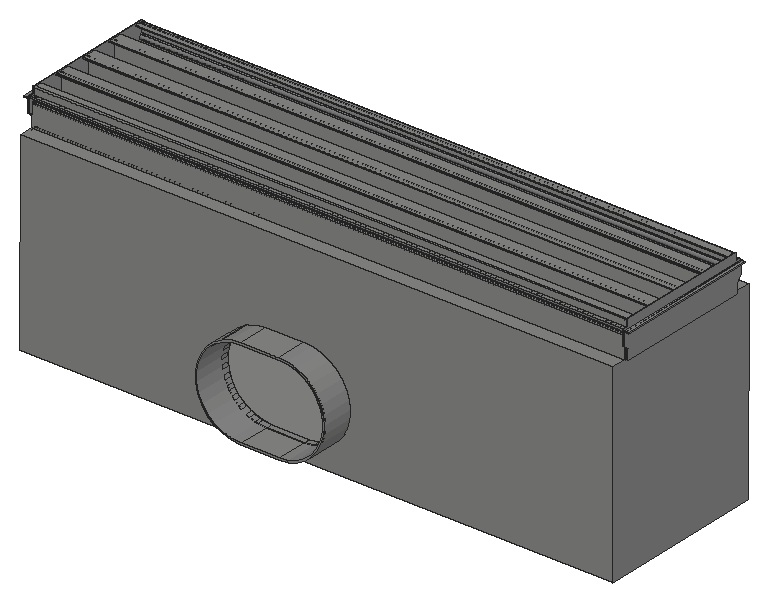
Revit family "Diffuser-Carnes-T_Bar_Mount-4-Slot-DGDA", category Duct Accessories, host Face, Revit 2014
Parameters (values of type "See Type Catalog")
  Supply Connector = yes
  Supply Connection = "Diffuser Supply Connector"  # constant formula
  Subcatagory = "Air Distribution"  # constant formula
  Specification Sheet = "http://www.carnes.com/AirDistribution/pdf/13101.pdf"
  Revit Object Download Link = "http://library.smartbim.com/download/Diffuser-Carnes-T_Bar_Mount-4-Slot-DGDA"
  Product Page URL = "http://www.carnes.com/AirDistribution/dgda.phtml"
  Length = 24"
  Inlet Nominal Size Width = 5"
  Inlet Nominal Size Height D = if(Inlet Nominal Size Width > 6", 5 1/4", 3 1/2")  # 3 1/2"
  Height = 9 1/16"  # constant formula
  Flow = 0 CFM
  Description = "Extruded Aluminum 4 Slot Diffuser 9/16In T-Bar Tegular Mount"  # constant formula
  Profile Depth = 5.75918"
  URL = "http://www.carnes.com/"
  Model = "DGDA"  # constant formula
  Unit = Metal - Carnes - Steel Galvanized
  Manufacturer = "CARNES COMPANY"  # constant formula
  Depth = 2 3/4"
  Default Elevation = 0"
  D Depth = 6 11/16"
  Catalog = "http://www.carnes.com/AirDistribution/pdf/a462-465.pdf"
  Box Length = Length - 1/2"  # 23 1/2"
  B Radius = Inlet Width + 3"  # 9 1/2"
  Inlet Width = 6 1/2"
  Assembly Code = ""
  Inlet Offset = 10 1/2"
  95 CSI = ""
  04 CSI = ""
Reference planes (in)
  plane 1 "Center (Front/Back)": y = 0
  plane 2: z = 0
  plane 3 "Center (Left/Right)": x = 0.94
  plane 4: z = -1.25
  plane 5: y = 2.87959
  plane 6: y = -2.87959
  plane 7: z = 1.44451
  plane 8: x = -11.06
  plane 9: x = 12.94
  plane 10: z = -8.05549
  plane 11: z = -9.0625
Forms (in)
  Extrusion 1, void
    sketch origin (0.94, 0, 0) x (0, 1, 0) y (0, 0, 1)
      loop
        line (-2.87959, 1.44451) -> (-2.87959, -8.05549) -> (2.87959, -8.05549) -> (2.87959, 1.44451) -> (-2.87959, 1.44451)
    from -12 to 12
Dimensions and locks (in)
  locked: plane 2 to plane 4 at 1.25
  equal spacing: plane 6, plane 1 "Center (Front/Back)", plane 5
  "Profile Depth": plane 6 to plane 5
  locked: plane 7 to host face at 1.44451
  equal spacing: plane 8, plane 3 "Center (Left/Right)", plane 9
  "Length": plane 8 to plane 9
  plane 2 to plane 10 = 8.05549"
  "Height": plane 2 to plane 11
  equal spacing: host sketch curve, plane 1 "Center (Front/Back)", host sketch curve
  equal spacing: host sketch curve, plane 3 "Center (Left/Right)", host sketch curve
  aligned and locked: plane 2 to host face
  aligned and locked: level to host face
  aligned and locked: Extrusion 1 to plane 7
  aligned and locked: Extrusion 1 to plane 10
  aligned and locked: plane 9 to Extrusion 1
  aligned and locked: plane 8 to Extrusion 1
  aligned and locked: plane 5 to Extrusion 1 sketch curve
  aligned and locked: Extrusion 1 sketch curve to plane 6
  aligned and locked: plane 1 "Center (Front/Back)" to nested 1
  aligned and locked: plane 1 "Center (Front/Back)" to nested 2
  aligned and locked: nested 1 to plane 3 "Center (Left/Right)"
  aligned and locked: nested 2 to plane 3 "Center (Left/Right)"
Automatic sketch dimensions
  Extrusion 1 sketch curve to plane 10 = 0"
  plane 7 to Extrusion 1 sketch curve = 0"
Nested families (in)
  nested 1: "CXPC" at (1.88, 0, 0.05188) x (-1, 0, 0) z (0, 0, -1), type "Parametric"
  nested 2: "602-1071" at (1.88, 0, -1.23748) x (-1, 0, 0) z (0, 0, -1), type "Slot 4"
Connectors (in)
  hvac at (-0.31, -4.59375, -6.58911), driven by "Inlet Nominal Size Height D", driven by "Inlet Nominal Size Width", driven by "Supply Connector", driven by "Supply Connection"
    settings: on nested 1, index 1, duct flow 0 CFM, flow factor 0, pres drop 0.00 in-wg, loss coef 0, conn angle 0.00°, conn width 5", conn height 3 1/2", conn diameter 24", duct sys type 1, conn prof type 2, flow config 1, flow direction 1, loss method 0, conn ref index -1, conn util yes, is conn primary yes, conn desc "Diffuser Supply Connector"
Definition of nested family "CXPC"
  Parameters (values of type "Parametric")
    Slot Width = 5 1/2"
    Inlet Nominal Size Width = 5"
    Inlet Nominal Size Height D = if(Inlet Nominal Size Width > 6", 5 1/4", 3 1/2")  # 3 1/2"
    Half Inlet Width = Inlet Nominal Size Width / 2  # 2 1/2"
    Length = 23 1/2"
    Depth = 6 11/16"
    Height = 9 1/16"  # constant formula
    URL = "http://www.carnes.com/"
    Model = "DGAA"  # constant formula
    Unit = Metal - Carnes - Steel Galvanized
    Manufacturer = ""
    Default Elevation = 0"
    B Radius = B + 3"  # 9 1/2"
    B = 6 1/2"
    Assembly Code = ""
    A = 10 1/2"
    95 CSI = ""
    04 CSI = ""
  Reference planes (in)
    plane 1 "Center (Front/Back)": y = 0
    plane 2: z = 0
    plane 3 "Center (Left/Right)": x = 0.94
    plane 4: x = -10.81
    plane 5: x = 12.69
    plane 6: z = 9.0625
    plane 7: z = 8.5625
    plane 8: z = 6.5
    plane 9: x = -10.7475
    plane 10: x = 12.6275
    plane 11: z = -18
    plane 12: y = 3.34375
    plane 13: y = 3.09375
    plane 14: y = -3.34375
    plane 15: y = -3.09375
    plane 16: y = -4.59375
    plane 17: x = 2.19
    plane 18: z = 0.84375
    plane 19: y = -2.75
    plane 20: y = 2.75
    plane 21: z = 8.39099
    plane 22: z = 4.89099
  Forms (in)
    Extrusion 1, solid
      sketch origin (0, 0, 0) x (1, 0, 0) y (0, 1, 0)
        loop
          line (-15.78917, 6.26042) -> (-15.78917, -6.26042) -> (17.66917, -6.26042) -> (17.66917, 6.26042) -> (-15.78917, 6.26042)
      from 0 to -1
    Extrusion 2, solid, material "Metal - Carnes - Steel Galvanized" <- "Unit"
      sketch origin (0, 0, 0) x (1, 0, 0) y (0, 0, 1)
        loop
          line (-10.81, 9.0625) -> (-10.81, 8.5625) -> (12.69, 8.5625) -> (12.69, 9.0625) -> (-10.81, 9.0625)
      from -3.09375 to 3.09375
    Extrusion 3, solid, material "Metal - Carnes - Steel Galvanized" <- "Unit"
      sketch origin (0, 0, 0) x (1, 0, 0) y (0, 1, 0)
        loop
          line (-10.81, 3.34375) -> (-10.81, 3.09375) -> (12.69, 3.09375) -> (12.69, 3.34375) -> (-10.81, 3.34375)
        loop
          line (-10.81, -3.09375) -> (-10.81, -3.34375) -> (12.69, -3.34375) -> (12.69, -3.09375) -> (-10.81, -3.09375)
      from 1.4375 to 9.0625
    Sweep 4, solid, material "Metal - Carnes - Steel Galvanized" <- "Unit"
      path in 3D
        loop
          line (-10.81, -3.09375, 1.4375) -> (12.69, -3.09375, 1.4375)
      profile origin (0.94, -3.09375, 1.4375) x (0, -1, 0) y (0, 0, -1)
        loop
          line (-5.84375, 0) -> (-5.84375, 0.89784)
          arc (-5.84375, 0.89784) -> (-5.81304, 0.92855) -> (-5.78233, 0.89784) r 0.03071
          line (-5.78233, 0.89784) -> (-5.78233, 0.83461) -> (-5.75108, 0.83461) -> (-5.75108, 0.89765)
          arc (-5.75108, 0.89765) -> (-5.81305, 0.95963) -> (-5.87503, 0.89765) r 0.06198
          line (-5.87503, 0.89765) -> (-5.87503, 0.03125) -> (-6.4375, 0.03125) -> (-6.4375, 0) -> (-5.84375, 0)
        loop
          line (-0.34375, 0) -> (0.25, 0) -> (0.25, 0.03125) -> (-0.31247, 0.03125) -> (-0.31247, 0.89765)
          arc (-0.31247, 0.89765) -> (-0.37445, 0.95963) -> (-0.43642, 0.89765) r 0.06198
          line (-0.43642, 0.89765) -> (-0.43642, 0.83461) -> (-0.40517, 0.83461) -> (-0.40517, 0.89784)
          arc (-0.40517, 0.89784) -> (-0.37446, 0.92855) -> (-0.34375, 0.89784) r 0.03071
          line (-0.34375, 0.89784) -> (-0.34375, 0)
    Extrusion 5, solid, material "Metal - Carnes - Steel Galvanized" <- "Unit"
      sketch origin (12.69, 0, 9.0625) x (0, 0, -1) y (0, 1, 0)
        loop
          line (0, -3.34375) -> (7.625, -3.34375) -> (7.625, 3.34375) -> (0, 3.34375) -> (0, -3.34375)
      from -0.0625 to 0
    Extrusion 6, solid, material "Metal - Carnes - Steel Galvanized" <- "Unit"
      sketch origin (-10.81, 0, 9.0625) x (0, 0, -1) y (0, -1, 0)
        loop
          line (0, 3.34375) -> (0, -3.34375) -> (7.625, -3.34375) -> (7.625, 3.34375) -> (0, 3.34375)
      from -0.0625 to 0
    Extrusion 7, void
      sketch origin (0, 0, 0) x (1, 0, 0) y (0, 0, 1)
        loop
          arc (1.44, 8.39099) -> (-0.31, 6.64099) -> (1.44, 4.89099) r 1.75
          line (1.44, 4.89099) -> (2.94, 4.89099)
          arc (2.94, 4.89099) -> (4.69, 6.64099) -> (2.94, 8.39099) r 1.75
          line (2.94, 8.39099) -> (1.44, 8.39099)
      from 3.34375 to 1.34378
    Extrusion 8, solid, material "Metal - Carnes - Steel Galvanized" <- "Unit"
      sketch origin (-11.06, -0.875, 0) x (1, 0, 0) y (0, 0, 1)
        loop
          arc (12.5, 8.39099) -> (10.75, 6.64099) -> (12.5, 4.89099) r 1.75
          line (12.5, 4.89099) -> (14, 4.89099)
          arc (14, 4.89099) -> (15.75, 6.64099) -> (14, 8.39099) r 1.75
          line (14, 8.39099) -> (12.5, 8.39099)
        loop
          arc (12.5, 8.45349) -> (10.6875, 6.64099) -> (12.5, 4.82849) r 1.8125
          line (12.5, 4.82849) -> (14, 4.82849)
          arc (14, 4.82849) -> (15.8125, 6.64099) -> (14, 8.45349) r 1.8125
          line (14, 8.45349) -> (12.5, 8.45349)
      from 2.21875 to 3.71875
  Cuts and joins
    Extrusion 7 cuts Extrusion 2
    Extrusion 7 cuts Extrusion 3
    Extrusion 7 cuts Sweep 4
    Extrusion 7 cuts Extrusion 5
    Extrusion 7 cuts Extrusion 6
    joined: Extrusion 2, Extrusion 3, Sweep 4, Extrusion 5, Extrusion 6
  Lines and regions (in)
    Masking region 1
      outline origin (0, 0, 0) x (1, 0, 0) y (0, 1, 0)
        loop
          line (4.69, -4.59375) -> (4.69, -3.34375) -> (-0.31, -3.34375) -> (-0.31, -4.59375) -> (4.69, -4.59375)
    sketch lines
      curve 1: line (-10.81, -3.09375, 1.4375) -> (12.69, -3.09375, 1.4375)
    symbolic lines, style "Diffuser"
      curve 2: line (-10.81, 3.34375, 0) -> (12.69, 3.34375, 0)
      curve 3: line (-10.81, -3.34375, 0) -> (-10.81, 3.34375, 0)
      curve 4: line (12.69, -3.34375, 0) -> (-10.81, -3.34375, 0)
      curve 5: line (12.69, 3.34375, 0) -> (12.69, -3.34375, 0)
  Dimensions and locks (in)
    equal spacing: plane 4, plane 3 "Center (Left/Right)", plane 5
    "Length": plane 4 to plane 5
    "Height": plane 6 to plane 2
    locked: plane 6 to plane 7 at 0.5
    level to plane 11 = 18"
    plane 6 to Extrusion 1 = 9 1/16"
    plane 8 to Extrusion 1 = 6 1/2"
    locked: plane 16 to plane 14 at 1.25
    "Depth": plane 12 to plane 14
    locked: plane 15 to plane 14 at 0.25
    locked: plane 12 to plane 13 at 0.25
    equal spacing: plane 12, plane 1 "Center (Front/Back)", plane 14
    locked: plane 10 to plane 5 at 0.0625
    locked: plane 9 to plane 4 at 0.0625
    "B": plane 8 to plane 2
    "A": plane 17 to plane 5
    locked: plane 18 to plane 2 at 0.84375
    Sweep 4 sketch curve to plane 18 to Sweep 4 sketch curve to Sweep 4 sketch curve to Sweep 4 sketch curve = 9/16" locked, 0.24086" locked, 0.09394" locked, 0.03107" locked  (x2)
    Sweep 4 sketch curve to Sweep 4 sketch curve to plane 19 to Sweep 4 sketch curve = 1/32" locked, 0.06142" locked, 0.03128" locked
    Sweep 4 sketch curve to plane 20 to Sweep 4 sketch curve to Sweep 4 sketch curve = 0.03128" locked, 0.06142" locked, 1/32" locked
    equal spacing: plane 20, plane 1 "Center (Front/Back)", plane 19
    "Slot Width": plane 20 to plane 19
    "Half Inlet Width": plane 17 to Extrusion 8 sketch curve
    "Half Inlet Width": Extrusion 8 sketch curve to plane 17
    "Inlet Nominal Size Height D": plane 21 to plane 22
    equal spacing: Extrusion 1 sketch curve, plane 1 "Center (Front/Back)", Extrusion 1 sketch curve
    equal spacing: Extrusion 1 sketch curve, plane 3 "Center (Left/Right)", Extrusion 1 sketch curve
    equal spacing: Masking region 1 sketch curve, plane 17, Masking region 1 sketch curve
    "Inlet Nominal Size Width": Masking region 1 sketch curve to Masking region 1 sketch curve
    aligned and locked: plane 2 to Extrusion 1
    aligned and locked: level to Extrusion 1
    aligned and locked: Extrusion 2 sketch curve to plane 6
    aligned and locked: Extrusion 2 sketch curve to plane 7
    aligned and locked: Extrusion 2 sketch curve to plane 4
    aligned and locked: plane 5 to Extrusion 2 sketch curve
    aligned and locked: Extrusion 3 sketch curve to plane 12
    aligned and locked: Extrusion 3 sketch curve to plane 13
    aligned and locked: plane 15 to Extrusion 3 sketch curve
    aligned and locked: plane 14 to Extrusion 3 sketch curve
    aligned and locked: Extrusion 3 sketch curve to plane 4
    aligned and locked: plane 5 to Extrusion 3 sketch curve
    aligned and locked: plane 6 to Extrusion 3
    aligned and locked: Extrusion 2 to Extrusion 3  (x2)
    aligned and locked: plane 10 to Extrusion 5
    aligned and locked: Extrusion 5 to plane 5
    aligned and locked: Extrusion 6 sketch curve to cut or joined group of Extrusion 2, Extrusion 3, Sweep 4, Extrusion 5, Extrusion 6, Extrusion 7  (x2)
    aligned and locked: cut or joined group of Extrusion 2, Extrusion 3, Sweep 4, Extrusion 5, Extrusion 6, Extrusion 7 to Extrusion 6 sketch curve
    aligned and locked: plane 9 to Extrusion 6
    aligned and locked: Extrusion 6 to plane 4
    aligned and locked: plane 5 to cut or joined group of Extrusion 2, Extrusion 3, Sweep 4, Extrusion 5, Extrusion 6, Extrusion 7
    aligned and locked: Extrusion 7 to plane 14
    aligned and locked: Extrusion 6 to Extrusion 3
    aligned and locked: cut or joined group of Extrusion 2, Extrusion 3, Sweep 4, Extrusion 5, Extrusion 6, Extrusion 7 to cut or joined group of Extrusion 2, Extrusion 3, Sweep 4, Extrusion 5, Extrusion 6, Extrusion 7
    aligned and locked: plane 12 to Sweep 4 sketch curve
    aligned and locked: Sweep 4 sketch curve to plane 14
    aligned and locked: plane 19 to Sweep 4 sketch curve
    aligned and locked: Sweep 4 sketch curve to plane 20
    aligned and locked: Extrusion 8 to plane 16
    aligned and locked: cut or joined group of Extrusion 2, Extrusion 3, Sweep 4, Extrusion 5, Extrusion 6, Extrusion 7 to Extrusion 8
    aligned and locked: Extrusion 7 sketch curve to Extrusion 8  (x2)
    aligned and locked: Extrusion 8 sketch curve to plane 21
    aligned and locked: plane 22 to Extrusion 8 sketch curve
    aligned and locked: curve 2 to cut or joined group of Extrusion 2, Extrusion 3, Sweep 4, Extrusion 5, Extrusion 6, Extrusion 7
    aligned and locked: curve 3 to cut or joined group of Extrusion 2, Extrusion 3, Sweep 4, Extrusion 5, Extrusion 6, Extrusion 7
    aligned and locked: curve 4 to cut or joined group of Extrusion 2, Extrusion 3, Sweep 4, Extrusion 5, Extrusion 6, Extrusion 7
    aligned and locked: curve 5 to cut or joined group of Extrusion 2, Extrusion 3, Sweep 4, Extrusion 5, Extrusion 6, Extrusion 7
  Automatic sketch dimensions
    Extrusion 3 sketch curve to plane 4 = 0"
    Extrusion 3 sketch curve to plane 5 = 0"
    Extrusion 2 to Extrusion 5 sketch curve = 0"
    Extrusion 5 sketch curve to Extrusion 2 = 1/4"  (x2)
    Extrusion 5 sketch curve to Extrusion 2 = 7 1/8"
    Extrusion 2 to Extrusion 6 sketch curve = 7 1/8"
    profile plane to Sweep 4 sketch curve = 0"  (x2)
    Extrusion 8 sketch curve to Extrusion 8 sketch curve = 0"  (x3)
    Extrusion 8 sketch curve to Extrusion 8 sketch curve = 1/16"
    Masking region 1 sketch curve to plane 16 = 0"
    plane 14 to Masking region 1 sketch curve = 0"
Definition of nested family "602-1071"
  Parameters (values of type "Slot 4")
    Supply Connector = yes
    Supply Connection = ""
    Subcatagory = ""
    Specification Sheet = ""
    Product Page URL = ""
    Length = 24"
    URL = ""
    Model = "602-1071"  # constant formula
    Unit = Metal - Carnes - Steel Galvanized
    Manufacturer = ""
    Height = 1.44451"
    Flow = 0 CFM
    Description = ""
    Depth = 5.75918"
    Default Elevation = 0"
    Catalog = ""
    Assembly Code = ""
    95 CSI = ""
    04 CSI = ""
  Reference planes (in)
    plane 1 "Center (Front/Back)": y = 0
    plane 2: z = 0
    plane 3 "Center (Left/Right)": x = 0.94
    plane 4: z = -1.25
    plane 5: x = -11.06
    plane 6: x = 12.94
    plane 7: y = 2.87959
    plane 8: y = -2.87959
    plane 9: z = 1.44451
  Forms (in)
    Extrusion 1, solid
      sketch origin (0, 0, 0) x (1, 0, 0) y (0, 1, 0)
        loop
          line (-12.435, 4.12959) -> (-12.435, -4.12959) -> (14.315, -4.12959) -> (14.315, 4.12959) -> (-12.435, 4.12959)
      from 0 to -1
  Dimensions and locks (in)
    locked: plane 2 to plane 4 at 1.25
    equal spacing: plane 8, plane 1 "Center (Front/Back)", plane 7
    "Depth": plane 8 to plane 7
    equal spacing: plane 5, plane 3 "Center (Left/Right)", plane 6
    "Length": plane 5 to plane 6
    "Height": plane 9 to Extrusion 1
    equal spacing: Extrusion 1 sketch curve, plane 3 "Center (Left/Right)", Extrusion 1 sketch curve
    equal spacing: Extrusion 1 sketch curve, plane 1 "Center (Front/Back)", Extrusion 1 sketch curve
    aligned and locked: plane 2 to Extrusion 1
    aligned and locked: level to Extrusion 1
    aligned and locked: plane 3 "Center (Left/Right)" to nested 1
    aligned and locked: plane 1 "Center (Front/Back)" to nested 1
  Nested families (in)
    nested 1: "602-1071-4Slot" at (0, 0, -1.29324), type "Standard"
  Definition of nested family "602-1071-4Slot"
    Parameters (values of type "Standard")
      Length = 24"
      URL = ""
      Model = ""
      Unit = Metal - Carnes - Steel Galvanized
      Manufacturer = ""
      Height = 1.44451"
      Depth = 5.75918"
      Default Elevation = 0"
      Assembly Code = ""
      95 CSI = ""
      04 CSI = ""
    Reference planes (in)
      plane 1 "Center (Front/Back)": y = 0
      plane 2: z = 0
      plane 3 "Center (Left/Right)": x = 0.94
      plane 4: x = -11.06
      plane 5: x = 12.94
      plane 6: x = -10.84199
      plane 7: x = 12.72199
      plane 8: y = 2.87959
      plane 9: y = -2.87959
      plane 10: z = 1.44451
      plane 11: x = -10.80684
      plane 12: x = 12.68684
    Forms (in)
      Extrusion 1, solid
        sketch origin (0, -5, 0) x (1, 0, 0) y (0, 1, 0)
          loop
            line (-48, 48) -> (-48, -48) -> (48, -48) -> (48, 48) -> (-48, 48)
        from 0 to -1
      Sweep 2, solid, material "Metal - Carnes - Steel Galvanized" <- "Unit"
        path origin (0, 0, 0) x (1, 0, 0) y (0, 0, 1)
          loop
            line (-10.80684, 0) -> (12.68684, 0)
        profile origin (0.94, 0, 0) x (0, 0, 1) y (0, -1, 0)
          loop
            line (1.17031, -2.14973) -> (1.16891, -2.58531)
            arc (1.16891, -2.58531) -> (1.16209, -2.60161) -> (1.14575, -2.60832) r 0.02309
            line (1.14575, -2.60832) -> (0.65319, -2.60674)
            arc (0.65319, -2.60674) -> (0.63447, -2.60175) -> (0.62061, -2.58821) r 0.03812
            arc (0.62061, -2.58821) -> (0.52995, -2.53433) -> (0.43514, -2.58052) r 0.11105
            arc (0.43514, -2.58052) -> (0.41359, -2.59909) -> (0.38594, -2.60577) r 0.06056
            line (0.38594, -2.60577) -> (0.08654, -2.60577)
            arc (0.08654, -2.60577) -> (0.06478, -2.59675) -> (0.05576, -2.57498) r 0.03078
            line (0.05576, -2.57498) -> (0.05576, -2.36989)
            arc (0.05576, -2.36989) -> (0.04953, -2.35486) -> (0.0345, -2.34863) r 0.02126
            line (0.0345, -2.34863) -> (0, -2.34863) -> (0, -2.64505)
            arc (0, -2.64505) -> (0.01092, -2.67142) -> (0.0373, -2.68234) r 0.0373
            line (0.0373, -2.68234) -> (0.28378, -2.68234) -> (0.28378, -2.84861)
            arc (0.28378, -2.84861) -> (0.30876, -2.87363) -> (0.33382, -2.84869) r 0.02502
            line (0.33382, -2.84869) -> (0.33425, -2.71504)
            arc (0.33425, -2.71504) -> (0.34204, -2.69637) -> (0.36073, -2.68864) r 0.02648
            line (0.36073, -2.68864) -> (0.39677, -2.68864)
            arc (0.39677, -2.68864) -> (0.4183, -2.69547) -> (0.43198, -2.71344) r 0.03739
            arc (0.43198, -2.71344) -> (0.44909, -2.73065) -> (0.47327, -2.72845) r 0.02853
            arc (0.47327, -2.72845) -> (0.48218, -2.71459) -> (0.47626, -2.69921) r 0.01822
            arc (0.47626, -2.69921) -> (0.52078, -2.57949) -> (0.57058, -2.69711) r 0.06872
            arc (0.57058, -2.69711) -> (0.57004, -2.72666) -> (0.59957, -2.72789) r 0.02114
            arc (0.59957, -2.72789) -> (0.61902, -2.70493) -> (0.6316, -2.67758) r 0.11105
            arc (0.6316, -2.67758) -> (0.64096, -2.6643) -> (0.6564, -2.6592) r 0.02592
            line (0.6564, -2.6592) -> (1.42449, -2.6592)
            arc (1.42449, -2.6592) -> (1.44949, -2.6342) -> (1.42449, -2.6092) r 0.025
            line (1.42449, -2.6092) -> (1.26341, -2.6092)
            arc (1.26341, -2.6092) -> (1.24216, -2.6004) -> (1.23335, -2.57914) r 0.03006
            line (1.23335, -2.57914) -> (1.23335, -2.14983)
            arc (1.23335, -2.14983) -> (1.20188, -2.11831) -> (1.17031, -2.14973) r 0.03152
          loop
            arc (1.13204, -1.3433) -> (1.15981, -1.35481) -> (1.17131, -1.38258) r 0.03927
            line (1.17131, -1.38258) -> (1.17131, -1.83811) -> (1.23563, -1.83811) -> (1.23563, -0.84608) -> (1.1746, -0.84608) -> (1.1746, -1.26025)
            arc (1.1746, -1.26025) -> (1.16493, -1.28358) -> (1.1416, -1.29324) r 0.03299
            line (1.1416, -1.29324) -> (0.09703, -1.29324)
            arc (0.09703, -1.29324) -> (0.07014, -1.28211) -> (0.05901, -1.25522) r 0.03802
            line (0.05901, -1.25522) -> (0.05901, -1.05845)
            arc (0.05901, -1.05845) -> (0.05174, -1.04089) -> (0.03419, -1.03362) r 0.02482
            line (0.03419, -1.03362) -> (0, -1.03362) -> (0, -1.59563) -> (0.03724, -1.59563)
            arc (0.03724, -1.59563) -> (0.05263, -1.58925) -> (0.05901, -1.57386) r 0.02176
            line (0.05901, -1.57386) -> (0.05901, -1.3726)
            arc (0.05901, -1.3726) -> (0.06759, -1.35188) -> (0.08831, -1.3433) r 0.0293
            line (0.08831, -1.3433) -> (1.13204, -1.3433)
          loop
            arc (1.17031, 2.14973) -> (1.20188, 2.11831) -> (1.23335, 2.14983) r 0.03152
            line (1.23335, 2.14983) -> (1.23335, 2.57914)
            arc (1.23335, 2.57914) -> (1.24216, 2.6004) -> (1.26341, 2.6092) r 0.03006
            line (1.26341, 2.6092) -> (1.42449, 2.6092)
            arc (1.42449, 2.6092) -> (1.44949, 2.6342) -> (1.42449, 2.6592) r 0.025
            line (1.42449, 2.6592) -> (0.6564, 2.6592)
            arc (0.6564, 2.6592) -> (0.64096, 2.6643) -> (0.6316, 2.67758) r 0.02592
            arc (0.6316, 2.67758) -> (0.61902, 2.70493) -> (0.59957, 2.72789) r 0.11105
            arc (0.59957, 2.72789) -> (0.57004, 2.72666) -> (0.57058, 2.69711) r 0.02114
            arc (0.57058, 2.69711) -> (0.52078, 2.57949) -> (0.47626, 2.69921) r 0.06872
            arc (0.47626, 2.69921) -> (0.48218, 2.71459) -> (0.47327, 2.72845) r 0.01822
            arc (0.47327, 2.72845) -> (0.44909, 2.73065) -> (0.43198, 2.71344) r 0.02853
            arc (0.43198, 2.71344) -> (0.4183, 2.69547) -> (0.39677, 2.68864) r 0.03739
            line (0.39677, 2.68864) -> (0.36073, 2.68864)
            arc (0.36073, 2.68864) -> (0.34204, 2.69637) -> (0.33425, 2.71504) r 0.02648
            line (0.33425, 2.71504) -> (0.33382, 2.84869)
            arc (0.33382, 2.84869) -> (0.30876, 2.87363) -> (0.28378, 2.84861) r 0.02502
            line (0.28378, 2.84861) -> (0.28378, 2.68234) -> (0.0373, 2.68234)
            arc (0.0373, 2.68234) -> (0.01092, 2.67142) -> (0, 2.64505) r 0.0373
            line (0, 2.64505) -> (0, 2.34863) -> (0.0345, 2.34863)
            arc (0.0345, 2.34863) -> (0.04953, 2.35486) -> (0.05576, 2.36989) r 0.02126
            line (0.05576, 2.36989) -> (0.05576, 2.57498)
            arc (0.05576, 2.57498) -> (0.06478, 2.59675) -> (0.08654, 2.60577) r 0.03078
            line (0.08654, 2.60577) -> (0.38594, 2.60577)
            arc (0.38594, 2.60577) -> (0.41359, 2.59909) -> (0.43514, 2.58052) r 0.06056
            arc (0.43514, 2.58052) -> (0.52995, 2.53433) -> (0.62061, 2.58821) r 0.11105
            arc (0.62061, 2.58821) -> (0.63447, 2.60175) -> (0.65319, 2.60674) r 0.03812
            line (0.65319, 2.60674) -> (1.12897, 2.60827)
            arc (1.12897, 2.60827) -> (1.1572, 2.59669) -> (1.16896, 2.56854) r 0.03986
            line (1.16896, 2.56854) -> (1.17031, 2.14973)
          loop
            line (1.13204, 1.3433) -> (0.08831, 1.3433)
            arc (0.08831, 1.3433) -> (0.06759, 1.35188) -> (0.05901, 1.3726) r 0.0293
            line (0.05901, 1.3726) -> (0.05901, 1.57386)
            arc (0.05901, 1.57386) -> (0.05263, 1.58925) -> (0.03724, 1.59563) r 0.02176
            line (0.03724, 1.59563) -> (0, 1.59563) -> (0, 1.03362) -> (0.03419, 1.03362)
            arc (0.03419, 1.03362) -> (0.05174, 1.04089) -> (0.05901, 1.05845) r 0.02482
            line (0.05901, 1.05845) -> (0.05901, 1.25522)
            arc (0.05901, 1.25522) -> (0.07014, 1.28211) -> (0.09703, 1.29324) r 0.03802
            line (0.09703, 1.29324) -> (1.1416, 1.29324)
            arc (1.1416, 1.29324) -> (1.16493, 1.28358) -> (1.1746, 1.26025) r 0.03299
            line (1.1746, 1.26025) -> (1.1746, 0.84608) -> (1.23563, 0.84608) -> (1.23563, 1.83811) -> (1.17131, 1.83811) -> (1.17131, 1.38258)
            arc (1.17131, 1.38258) -> (1.15981, 1.35481) -> (1.13204, 1.3433) r 0.03927
          loop
            line (1.13204, 0.02465) -> (0.08831, 0.02465)
            arc (0.08831, 0.02465) -> (0.06759, 0.03323) -> (0.05901, 0.05395) r 0.0293
            line (0.05901, 0.05395) -> (0.05901, 0.25521)
            arc (0.05901, 0.25521) -> (0.05263, 0.2706) -> (0.03724, 0.27697) r 0.02176
            line (0.03724, 0.27697) -> (0, 0.27697) -> (0, -0.28503) -> (0.03419, -0.28503)
            arc (0.03419, -0.28503) -> (0.05174, -0.27776) -> (0.05901, -0.26021) r 0.02482
            line (0.05901, -0.26021) -> (0.05901, -0.06344)
            arc (0.05901, -0.06344) -> (0.07014, -0.03655) -> (0.09703, -0.02542) r 0.03802
            line (0.09703, -0.02542) -> (1.1416, -0.02542)
            arc (1.1416, -0.02542) -> (1.16493, -0.03508) -> (1.1746, -0.05841) r 0.03299
            line (1.1746, -0.05841) -> (1.1746, -0.47258) -> (1.23563, -0.47258) -> (1.23563, 0.51945) -> (1.17131, 0.51945) -> (1.17131, 0.06392)
            arc (1.17131, 0.06392) -> (1.15981, 0.03615) -> (1.13204, 0.02465) r 0.03927
      Sweep 3, solid, material "Metal - Carnes - Steel Galvanized" <- "Unit"
        path origin (0.94, 0, 0) x (0, 1, 0) y (0, 0, 1)
          loop
            line (2.87959, 1.44451) -> (-2.87959, 1.44451)
        profile origin (0.94, 0, 1.44451) x (0, 0, -1) y (1, 0, 0)
          loop
            line (1.06748, -11.78199) -> (0, -11.78199) -> (0, -11.81789) -> (1.06623, -11.81789)
            arc (1.06623, -11.81789) -> (1.08839, -11.82707) -> (1.09757, -11.84923) r 0.03133
            line (1.09757, -11.84923) -> (1.09757, -12) -> (1.13347, -12) -> (1.13347, -11.84798)
            arc (1.13347, -11.84798) -> (1.11414, -11.80132) -> (1.06748, -11.78199) r 0.06599
          loop
            arc (1.06748, 11.78199) -> (1.11414, 11.80132) -> (1.13347, 11.84798) r 0.06599
            line (1.13347, 11.84798) -> (1.13347, 12) -> (1.09757, 12) -> (1.09757, 11.84923)
            arc (1.09757, 11.84923) -> (1.08839, 11.82707) -> (1.06623, 11.81789) r 0.03133
            line (1.06623, 11.81789) -> (0, 11.81789) -> (0, 11.78199) -> (1.06748, 11.78199)
      Extrusion 4, void
        sketch origin (0.94, 0, 0) x (0, 1, 0) y (0, 0, 1)
          loop
            line (2.69581, 1.38825) -> (2.69488, 1.09922)
            arc (2.69488, 1.09922) -> (2.70491, 1.04791) -> (2.73381, 1.00435) r 0.13398
            line (2.73381, 1.00435) -> (2.89522, 0.84191) -> (2.89522, 1.44451) -> (2.63973, 1.44451)
            arc (2.63973, 1.44451) -> (2.67945, 1.42802) -> (2.69581, 1.38825) r 0.05608
          loop
            arc (-2.69581, 1.38825) -> (-2.67945, 1.42802) -> (-2.63973, 1.44451) r 0.05608
            line (-2.63973, 1.44451) -> (-2.89522, 1.44451) -> (-2.89522, 0.84191) -> (-2.73381, 1.00435)
            arc (-2.73381, 1.00435) -> (-2.70491, 1.04791) -> (-2.69488, 1.09922) r 0.13398
            line (-2.69488, 1.09922) -> (-2.69581, 1.38825)
        from -12 to 12
      Sweep 5, solid, material "Metal - Carnes - Steel Galvanized" <- "Unit"
        path origin (0, 0, 0) x (1, 0, 0) y (0, 0, 1)
          loop
            line (-10.84199, 0.85764) -> (-10.80684, 0.85764)
        profile origin (-10.82442, 0, 0.85764) x (0, 0, 1) y (0, -1, 0)
          loop
            line (0.58687, 2.875) -> (-0.56079, 2.875)
            arc (-0.56079, 2.875) -> (-0.57888, 2.86751) -> (-0.58638, 2.84942) r 0.02558
            line (-0.58638, 2.84942) -> (-0.58638, 2.68234) -> (-0.83286, 2.68234)
            arc (-0.83286, 2.68234) -> (-0.85923, 2.67142) -> (-0.87016, 2.64505) r 0.0373
            line (-0.87016, 2.64505) -> (-0.87016, -2.68234) -> (-0.58638, -2.68234) -> (-0.58638, -2.84866)
            arc (-0.58638, -2.84866) -> (-0.57866, -2.86729) -> (-0.56004, -2.875) r 0.02634
            line (-0.56004, -2.875) -> (0.58687, -2.875) -> (0.58687, 2.875)
      Sweep 6, solid, material "Metal - Carnes - Steel Galvanized" <- "Unit"
        path origin (0, 0, 0) x (1, 0, 0) y (0, 0, 1)
          loop
            line (12.72199, 0.85764) -> (12.68684, 0.85764)
        profile origin (12.70442, 0, 0.85764) x (0, 0, -1) y (0, -1, 0)
          loop
            line (-0.58687, -2.875) -> (0.56004, -2.875)
            arc (0.56004, -2.875) -> (0.57866, -2.86729) -> (0.58638, -2.84866) r 0.02634
            line (0.58638, -2.84866) -> (0.58638, -2.68234) -> (0.83286, -2.68234)
            arc (0.83286, -2.68234) -> (0.85923, -2.67142) -> (0.87016, -2.64505) r 0.0373
            line (0.87016, -2.64505) -> (0.87016, 2.64505)
            arc (0.87016, 2.64505) -> (0.85923, 2.67142) -> (0.83286, 2.68234) r 0.0373
            line (0.83286, 2.68234) -> (0.58638, 2.68234) -> (0.58638, 2.84942)
            arc (0.58638, 2.84942) -> (0.57888, 2.86751) -> (0.56079, 2.875) r 0.02558
            line (0.56079, 2.875) -> (-0.58687, 2.875) -> (-0.58687, -2.875)
    Cuts and joins
      Extrusion 4 cuts Sweep 3
      Extrusion 4 cuts Sweep 5
      Extrusion 4 cuts Sweep 6
    Lines and regions (in)
      Masking region 1
        outline origin (0, 0, 0) x (1, 0, 0) y (0, 1, 0)
          loop
            line (-11.06136, 2.87959) -> (-11.06136, -2.87854) -> (12.94, -2.87854) -> (12.94, 2.87959) -> (-11.06136, 2.87959)
      symbolic lines, style "Diffuser"
        curve 1: line (-10.84199, -0.51945, 0) -> (12.72199, -0.51945, 0)
        curve 2: line (12.72199, -0.84608, 0) -> (-10.84199, -0.84608, 0)
        curve 3: line (-10.84199, -1.83814, 0) -> (12.72199, -1.83814, 0)
        curve 4: line (-10.84199, -2.12322, 0) -> (12.70884, -2.12322, 0)
        curve 5: line (-10.84199, 0.47258, 0) -> (12.72199, 0.47258, 0)
        curve 6: line (12.72199, 0.84608, 0) -> (-10.84199, 0.84608, 0)
        curve 7: line (-10.84199, 1.83911, 0) -> (12.72199, 1.83911, 0)
        curve 8: line (-10.84199, 2.11834, 0) -> (12.70884, 2.11834, 0)
        curve 9: line (12.72199, 2.73247, 0) -> (-10.84199, 2.73247, 0)
        curve 10: line (-10.84199, -2.87959, 0) -> (-10.84199, 2.87959, 0)
        curve 11: line (-10.87789, 2.87959, 0) -> (-10.87789, -2.87959, 0)
        curve 12: line (12.72199, -2.73247, 0) -> (12.72199, 2.87959, 0)
        curve 13: line (12.75789, 2.87959, 0) -> (12.75789, -2.87959, 0)
        curve 14: line (12.72199, -2.73247, 0) -> (-10.84199, -2.73247, 0)
    Dimensions and locks (in)
      equal spacing: plane 4, plane 3 "Center (Left/Right)", plane 5
      "Length": plane 4 to plane 5
      locked: plane 4 to plane 6 at 0.21801
      locked: plane 5 to plane 7 at 0.21801
      "Height": plane 10 to Extrusion 1
      equal spacing: plane 8, plane 1 "Center (Front/Back)", plane 9
      "Depth": plane 8 to plane 9
      locked: Sweep 5 sketch curve to Sweep 5 sketch curve at 0.03516
      locked: plane 6 to plane 11 at 0.03516
      locked: Sweep 6 sketch curve to Sweep 6 sketch curve at 0.03516
      locked: plane 12 to plane 7 at 0.03516
      aligned and locked: plane 2 to Extrusion 1
      aligned and locked: level to Extrusion 1
      aligned and locked: Sweep 3 sketch curve to plane 6
      aligned and locked: plane 7 to Sweep 3 sketch curve
      aligned and locked: plane 5 to Extrusion 4
      aligned and locked: plane 4 to Extrusion 4
      aligned and locked: plane 11 to Sweep 2 sketch curve
      aligned and locked: plane 12 to Sweep 2 sketch curve
      aligned and locked: plane 11 to Sweep 5 sketch curve
      aligned and locked: plane 12 to Sweep 6 sketch curve
    Automatic sketch dimensions
      Extrusion 1 sketch curve to Extrusion 1 sketch curve = 96"  (x2)
      Sweep 2 sketch curve to level = 0"
      Sweep 3 sketch curve to plane 9 = 0"
      Sweep 3 sketch curve to plane 8 = 0"
      plane 10 to Sweep 3 sketch curve = 0"
      Sweep 3 sketch curve to profile plane = 0"  (x2)
      Sweep 3 sketch curve to Sweep 3 sketch curve = 1.06623"
      Sweep 3 sketch curve to profile plane = 1.06623"
      Sweep 3 sketch curve to Sweep 3 sketch curve = 0.00125"  (x3)
      Sweep 3 sketch curve to Sweep 3 sketch curve = 0.03009"  (x2)
      Sweep 3 sketch curve to Sweep 3 sketch curve = 0.0359"  (x3)
      Sweep 3 sketch curve to Sweep 3 sketch curve = 0.15077"  (x2)
      plane 10 to Extrusion 4 sketch curve = 0"  (x2)
      plane 9 to Extrusion 4 sketch curve = 1/64"
      Extrusion 4 sketch curve to plane 9 = 0.05073"
      Extrusion 4 sketch curve to Extrusion 4 sketch curve = 0.09505"
      plane 10 to Extrusion 4 sketch curve = 0.05626"  (x2)
      Extrusion 4 sketch curve to plane 9 = 0.18378"
      Extrusion 4 sketch curve to Extrusion 4 sketch curve = 0.03894"  (x2)
      Extrusion 4 sketch curve to Extrusion 4 sketch curve = 0.05608"  (x2)
      Extrusion 4 sketch curve to plane 8 = 0.23986"
      Extrusion 4 sketch curve to plane 8 = 0.18471"
      Extrusion 4 sketch curve to plane 8 = 0.05073"
      plane 8 to Extrusion 4 sketch curve = 1/64"
      Extrusion 4 sketch curve to Extrusion 4 sketch curve = 0.28903"  (x2)
      Extrusion 4 sketch curve to Extrusion 4 sketch curve = 0.00043"  (x2)
      Extrusion 4 sketch curve to Extrusion 4 sketch curve = 0.16244"  (x2)
      Sweep 2 sketch curve to Sweep 2 sketch curve = 0"  (x17)
      profile plane to Sweep 2 sketch curve = 0"  (x5)
      Sweep 2 sketch curve to Sweep 2 sketch curve = 0.03419"  (x2)
      Sweep 2 sketch curve to profile plane = 0.03419"
      Sweep 2 sketch curve to profile plane = 0.0345"
      Sweep 2 sketch curve to Sweep 2 sketch curve = 0.0345"
      Sweep 2 sketch curve to Sweep 2 sketch curve = 0.03724"  (x3)
      Sweep 2 sketch curve to Sweep 2 sketch curve = 0.0373"
      Sweep 2 sketch curve to profile plane = 0.0373"
      Sweep 2 sketch curve to Sweep 2 sketch curve = 0.02126"
      Sweep 2 sketch curve to profile plane = 0.05576"
      Sweep 2 sketch curve to Sweep 2 sketch curve = 0.02482"  (x3)
      Sweep 2 sketch curve to Sweep 2 sketch curve = 0.02176"
      Sweep 2 sketch curve to profile plane = 0.05901"  (x2)
      Sweep 2 sketch curve to Sweep 2 sketch curve = 0.03078"  (x2)
      Sweep 2 sketch curve to Sweep 2 sketch curve = 0.0293"  (x3)
      Sweep 2 sketch curve to Sweep 2 sketch curve = 0.00872"  (x3)
      Sweep 2 sketch curve to profile plane = 0.28378"
      Sweep 2 sketch curve to Sweep 2 sketch curve = 0.19724"
      Sweep 2 sketch curve to Sweep 2 sketch curve = 0.02502"  (x4)
      Sweep 2 sketch curve to Sweep 2 sketch curve = 0.05047"  (x2)
      Sweep 2 sketch curve to Sweep 2 sketch curve = 0.02648"  (x2)
      Sweep 2 sketch curve to Sweep 2 sketch curve = 0.02521"  (x2)
      Sweep 2 sketch curve to Sweep 2 sketch curve = 0.03604"  (x2)
      Sweep 2 sketch curve to Sweep 2 sketch curve = 0.06207"  (x2)
      Sweep 2 sketch curve to Sweep 2 sketch curve = 0.00521"  (x2)
      Sweep 2 sketch curve to Sweep 2 sketch curve = 0.06347"  (x2)
      Sweep 2 sketch curve to Sweep 2 sketch curve = 0.00304"  (x2)
      Sweep 2 sketch curve to Sweep 2 sketch curve = 0.06312"  (x2)
      Sweep 2 sketch curve to Sweep 2 sketch curve = 0.06776"  (x2)
      Sweep 2 sketch curve to Sweep 2 sketch curve = 0.00012"  (x2)
      Sweep 2 sketch curve to Sweep 2 sketch curve = 0.07096"
      Sweep 2 sketch curve to Sweep 2 sketch curve = 0.00321"
      Sweep 2 sketch curve to Sweep 2 sketch curve = 0.47258"
      Sweep 2 sketch curve to Sweep 2 sketch curve = 0.00013"  (x2)
      Sweep 2 sketch curve to Sweep 2 sketch curve = 1.03501"  (x3)
      plane 1 "Center (Front/Back)" to Sweep 2 sketch curve = 0.02465"
      Sweep 2 sketch curve to Sweep 2 sketch curve = 0.00956"  (x3)
      Sweep 2 sketch curve to Sweep 2 sketch curve = 0.48935"
      Sweep 2 sketch curve to Sweep 2 sketch curve = 0.00007"  (x2)
      Sweep 2 sketch curve to Sweep 2 sketch curve = 0.02309"
      Sweep 2 sketch curve to Sweep 2 sketch curve = 0.03986"
      Sweep 2 sketch curve to Sweep 2 sketch curve = 0.00135"
      Sweep 2 sketch curve to Sweep 2 sketch curve = 0.0014"
      Sweep 2 sketch curve to Sweep 2 sketch curve = 0.03927"  (x2)
      Sweep 2 sketch curve to Sweep 2 sketch curve = 0.001"
      Sweep 2 sketch curve to Sweep 2 sketch curve = 0.03299"
      Sweep 2 sketch curve to Sweep 2 sketch curve = 0.00328"
      Sweep 2 sketch curve to Sweep 2 sketch curve = 0.03152"  (x3)
      Sweep 2 sketch curve to Sweep 2 sketch curve = 0.06445"
      Sweep 2 sketch curve to Sweep 2 sketch curve = 0.06103"  (x2)
      Sweep 2 sketch curve to Sweep 2 sketch curve = 0.06432"
      Sweep 2 sketch curve to Sweep 2 sketch curve = 0.03006"  (x2)
      Sweep 2 sketch curve to Sweep 2 sketch curve = 0.16108"  (x2)
      Sweep 2 sketch curve to plane 1 "Center (Front/Back)" = 0.02542"
      Sweep 2 sketch curve to Sweep 2 sketch curve = 0.19678"  (x3)
      Sweep 2 sketch curve to Sweep 2 sketch curve = 0.41417"
      Sweep 2 sketch curve to Sweep 2 sketch curve = 0.37351"
      Sweep 2 sketch curve to Sweep 2 sketch curve = 0.74859"
      Sweep 2 sketch curve to Sweep 2 sketch curve = 0.05006"  (x2)
      Sweep 2 sketch curve to Sweep 2 sketch curve = 0.20126"  (x3)
      Sweep 2 sketch curve to Sweep 2 sketch curve = 0.45553"  (x3)
      Sweep 2 sketch curve to Sweep 2 sketch curve = 0.31162"  (x2)
      Sweep 2 sketch curve to Sweep 2 sketch curve = 0.753"  (x2)
      Sweep 2 sketch curve to Sweep 2 sketch curve = 0.17532"  (x2)
      Sweep 2 sketch curve to Sweep 2 sketch curve = 0.02341"  (x2)
      Sweep 2 sketch curve to Sweep 2 sketch curve = 0.20509"  (x2)
      Sweep 2 sketch curve to Sweep 2 sketch curve = 0.42931"
      Sweep 2 sketch curve to Sweep 2 sketch curve = 0.00609"
      Sweep 2 sketch curve to Sweep 2 sketch curve = 0.03812"  (x2)
      Sweep 2 sketch curve to Sweep 2 sketch curve = 0.025"  (x2)
      Sweep 2 sketch curve to Sweep 2 sketch curve = 0.03928"
      Sweep 2 sketch curve to Sweep 2 sketch curve = 0.01392"  (x2)
      Sweep 2 sketch curve to Sweep 2 sketch curve = 0.00291"  (x2)
      Sweep 2 sketch curve to Sweep 2 sketch curve = 0.02592"  (x2)
      Sweep 2 sketch curve to Sweep 2 sketch curve = 0.08288"  (x2)
      Sweep 2 sketch curve to Sweep 2 sketch curve = 0.01519"  (x2)
      Sweep 2 sketch curve to Sweep 2 sketch curve = 0.03458"  (x2)
      Sweep 2 sketch curve to Sweep 2 sketch curve = 0.0089"  (x2)
      Sweep 2 sketch curve to Sweep 2 sketch curve = 0.0264"  (x2)
      Sweep 2 sketch curve to Sweep 2 sketch curve = 0.03739"  (x2)
      Sweep 2 sketch curve to Sweep 2 sketch curve = 0.13357"  (x2)
      Sweep 2 sketch curve to Sweep 2 sketch curve = 0.32663"
      Sweep 2 sketch curve to Sweep 2 sketch curve = 0.75665"
      Sweep 2 sketch curve to Sweep 2 sketch curve = 0.41868"
      Sweep 2 sketch curve to Sweep 2 sketch curve = 0.0106"
      Sweep 2 sketch curve to Sweep 2 sketch curve = 0.07007"
      plane 10 to Sweep 5 sketch curve = 0.58687"
      profile plane to Sweep 5 sketch curve = 0.87016"
      Sweep 5 sketch curve to Sweep 5 sketch curve = 0.0373"
      Sweep 5 sketch curve to Sweep 5 sketch curve = 0.24649"
      Sweep 5 sketch curve to Sweep 5 sketch curve = 0.28378"
      Sweep 5 sketch curve to Sweep 5 sketch curve = 0.02558"
      Sweep 5 sketch curve to Sweep 5 sketch curve = 0.02634"
      Sweep 5 sketch curve to profile plane = 0.58687"
      Sweep 5 sketch curve to plane 1 "Center (Front/Back)" = 2 7/8"
      Sweep 5 sketch curve to Sweep 5 sketch curve = 0.16632"
      plane 1 "Center (Front/Back)" to Sweep 5 sketch curve = 2.64505"
      Sweep 5 sketch curve to Sweep 5 sketch curve = 0.16707"
      plane 10 to Sweep 6 sketch curve = 0.58687"
      plane 1 "Center (Front/Back)" to Sweep 6 sketch curve = 2.68234"
      profile plane to Sweep 6 sketch curve = 0.58687"
      Sweep 6 sketch curve to Sweep 6 sketch curve = 0.27207"
      Sweep 6 sketch curve to Sweep 6 sketch curve = 0.22995"
      Sweep 6 sketch curve to plane 1 "Center (Front/Back)" = 2.68234"
      Sweep 6 sketch curve to Sweep 6 sketch curve = 0.24649"
      Sweep 6 sketch curve to Sweep 6 sketch curve = 0.0373"  (x2)
      Sweep 6 sketch curve to Sweep 6 sketch curve = 0.02558"
      Sweep 6 sketch curve to profile plane = 0.56079"
      Sweep 6 sketch curve to Sweep 6 sketch curve = 0.16632"
      Sweep 6 sketch curve to Sweep 6 sketch curve = 0.02634"
      Masking region 1 sketch curve to plane 8 = 0"
      Masking region 1 sketch curve to plane 5 = 0"
      plane 4 to Masking region 1 sketch curve = 0.00136"
      Masking region 1 sketch curve to plane 9 = 0.00105"
      plane 9 to curve 11 = 0"
      curve 11 to plane 8 = 0"
      curve 1 to plane 6 = 0"
      curve 5 to plane 7 = 0"
      curve 13 to plane 8 = 0"
      plane 9 to curve 13 = 0"
      plane 9 to curve 10 = 0"
      curve 12 to plane 8 = 0"
      curve 10 to plane 8 = 0"
      curve 12 to plane 9 = 0.14712"
      plane 6 to curve 11 = 0.0359"
      curve 8 to plane 7 = 0.01316"
      curve 4 to plane 7 = 0.01316"
      curve 12 to curve 13 = 0.0359"
      curve 12 to curve 4 = 0.60925"
      curve 4 to curve 3 = 0.28508"
      plane 1 "Center (Front/Back)" to curve 2 = 0.84608"
      curve 2 to curve 1 = 0.32663"
      curve 5 to plane 1 "Center (Front/Back)" = 0.47258"
      curve 5 to curve 6 = 0.37351"
      curve 6 to curve 7 = 0.99303"
      curve 7 to curve 8 = 0.27923"
      curve 9 to curve 12 = 0.14712"
Types in the file's own list only (36): name | Length | Inlet Nominal Size Width | Inlet Nominal Size Height D | Profile Depth | Box Length | Inlet Offset
  DGDA 24 x 5In | 24" | 5" | 3 1/2" | 5 97/128" | 23 1/2" | 10 1/2"
  DGDA 24 x 6IN | 24" | 6" | 3 1/2" | 5 97/128" | 23 1/2" | 10 1/2"
  DGDA 24 x 7IN | 24" | 7" | 5 1/4" | 5 97/128" | 23 1/2" | 10 1/2"
  DGDA 24 x 8IN | 24" | 8" | 5 1/4" | 5 97/128" | 23 1/2" | 10 1/2"
  DGDA 24 x 10IN | 24" | 10" | 5 1/4" | 5 97/128" | 23 1/2" | 10 1/2"
  DGDA 24 x 12IN | 24" | 12" | 5 1/4" | 5 97/128" | 23 1/2" | 10 1/2"
  DGDA 30 x 5In | 30" | 5" | 3 1/2" | 5 97/128" | 29 1/2" | 14 1/2"
  DGDA 30 x 6IN | 30" | 6" | 3 1/2" | 5 97/128" | 29 1/2" | 14 1/2"
  DGDA 30 x 7IN | 30" | 7" | 5 1/4" | 5 97/128" | 29 1/2" | 14 1/2"
  DGDA 30 x 8IN | 30" | 8" | 5 1/4" | 5 97/128" | 29 1/2" | 14 1/2"
  DGDA 30 x 10IN | 30" | 10" | 5 1/4" | 5 97/128" | 29 1/2" | 14 1/2"
  DGDA 30 x 12IN | 30" | 12" | 5 1/4" | 5 97/128" | 29 1/2" | 14 1/2"
  DGDA 36 x 5In | 36" | 5" | 3 1/2" | 5 97/128" | 35 1/2" | 17 1/2"
  DGDA 36 x 6IN | 36" | 6" | 3 1/2" | 5 97/128" | 35 1/2" | 17 1/2"
  DGDA 36 x 7IN | 36" | 7" | 5 1/4" | 5 97/128" | 35 1/2" | 17 1/2"
  DGDA 36 x 8IN | 36" | 8" | 5 1/4" | 5 97/128" | 35 1/2" | 17 1/2"
  DGDA 36 x 10IN | 36" | 10" | 5 1/4" | 5 97/128" | 35 1/2" | 17 1/2"
  DGDA 36 x 12IN | 36" | 12" | 5 1/4" | 5 97/128" | 35 1/2" | 17 1/2"
  DGDA 48 x 5In | 48" | 5" | 3 1/2" | 5 97/128" | 47 1/2" | 23 1/2"
  DGDA 48 x 6IN | 48" | 6" | 3 1/2" | 5 97/128" | 47 1/2" | 23 1/2"
  DGDA 48 x 7IN | 48" | 7" | 5 1/4" | 5 97/128" | 47 1/2" | 23 1/2"
  DGDA 48 x 8IN | 48" | 8" | 5 1/4" | 5 97/128" | 47 1/2" | 23 1/2"
  DGDA 48 x 10IN | 48" | 10" | 5 1/4" | 5 97/128" | 47 1/2" | 23 1/2"
  DGDA 48 x 12IN | 48" | 12" | 5 1/4" | 5 97/128" | 47 1/2" | 23 1/2"
  DGDA 60 x 5In | 60" | 5" | 3 1/2" | 5 97/128" | 59 1/2" | 29 1/2"
  DGDA 60 x 6IN | 60" | 6" | 3 1/2" | 5 97/128" | 59 1/2" | 29 1/2"
  DGDA 60 x 7IN | 60" | 7" | 5 1/4" | 5 97/128" | 59 1/2" | 29 1/2"
  DGDA 60 x 8IN | 60" | 8" | 5 1/4" | 5 97/128" | 59 1/2" | 29 1/2"
  DGDA 60 x 10IN | 60" | 10" | 5 1/4" | 5 97/128" | 59 1/2" | 29 1/2"
  DGDA 60 x 12IN | 60" | 12" | 5 1/4" | 5 97/128" | 59 1/2" | 29 1/2"
  DGDA 72 x 5In | 72" | 5" | 3 1/2" | 5 97/128" | 71 1/2" | 35 1/2"
  DGDA 72 x 6IN | 72" | 6" | 3 1/2" | 5 97/128" | 71 1/2" | 35 1/2"
  DGDA 72 x 7IN | 72" | 7" | 5 1/4" | 5 97/128" | 71 1/2" | 35 1/2"
  DGDA 72 x 8IN | 72" | 8" | 5 1/4" | 5 97/128" | 71 1/2" | 35 1/2"
  DGDA 72 x 10IN | 72" | 10" | 5 1/4" | 5 97/128" | 71 1/2" | 35 1/2"
  DGDA 72 x 12IN | 72" | 12" | 5 1/4" | 5 97/128" | 71 1/2" | 35 1/2"
